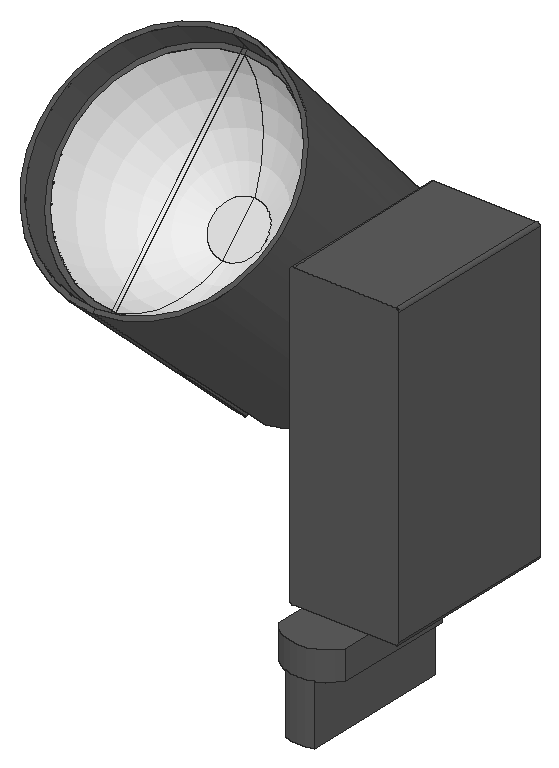
Revit family "0004904 Feilo Sylvania Lighting Fixture START TRACK SPOT L 55W 4K RA90 NB BLACK", category Lighting Fixtures, host Face, Revit 2017 (continued)
Definition of nested family "Start Track Spot Head"
  Types (96, lengths in mm): name | Wattage | built-in parameter 1150134 | Photometric Web File | Model | built-in parameter 1150105 | Lumens | built-in parameter 1150107 | built-in parameter 1150106 | HeadThickness_FEILO | HeadRibOffset_FEILO | HeadRibDepth_FEILO | HeadRibCutWidth_FEILO | HeadRibCutOffset_FEILO | HeadReflectorRadius_FEILO | HeadReflectorOffset_FEILO | HeadLEDRadius_FEILO | HeadHeight_FEILO | HeadDiffusorOffset_FEILO | HeadDiaOut_FEILO | HeadDiaIn_FEILO | HeadAxisFromTop_FEILO | Emit from Circle Diameter | built-in parameter 1150104 | Description | Apparent Load
    0004864 START TRACK SPOT S 24W 3K RA90 WB WHITE | 24 W | (empty or 0) | "0004864.ies" | "START TRACK SPOT S 24W 3K RA90 WB WHITE" | 152.79 (stored number, unit not read) | 1920 lm | 3000 (stored number, unit not read) | 1.5279 (stored number, unit not read) | 1.5 | 4.179 | 55.714 | 7.167 | 50.87 | 50.588 | 55.714 | 9.556 | 117 | 9.435 | 86 | 77.477 | 69.354 | 77.477 | 7.4322 (stored number, unit not read) | "Integrated LED spotlight, Textured White - RAL9016, compact and minimalist design, ideal for retail applications, die-cast aluminium body, passive cooling heatsink. Beam angle: 64°, color temperature: 3000K , total system power: 24W, total fixture output: 1928 lm, LOR: 100%, colour rendering: Ra: 90 typical, LED Chromaticity: 3 step MacAdam ellipse, lifetime: >50000 hours at L70B50, energy class: A++, A+, A, IR/UV free light source without heat radiation, operating voltage: 220-240V / 50-60Hz, drive current: 600mA, electronic driver, non-dimmable, power factor: 0.95, electrical protection: Class II, Global Track 3 Phase adapter suitable for Global trac 3-circuit tracks, ingress protection rating: IP20, suitable for internal environment only, horizontal rotation: 355°, vertical tilt: 90°, dimensions: Ø86x140x200, weight: 0.966kg." | 24 VA
    0004863 START TRACK SPOT S 24W 3K RA90 MB WHITE | 24 W | (empty or 0) | "0004863.ies" | "START TRACK SPOT S 24W 3K RA90 MB WHITE" | 154.7 (stored number, unit not read) | 1944 lm | 3000 (stored number, unit not read) | 1.547 (stored number, unit not read) | 1.5 | 4.179 | 55.714 | 7.167 | 50.87 | 50.588 | 55.714 | 9.556 | 117 | 9.435 | 86 | 77.477 | 69.354 | 77.477 | 7.5251 (stored number, unit not read) | "Integrated LED spotlight, Textured White - RAL9016, compact and minimalist design, ideal for retail applications, die-cast aluminium body, passive cooling heatsink. Beam angle: 36°, color temperature: 3000K , total system power: 24W, total fixture output: 1944 lm, LOR: 100%, colour rendering: Ra: 90 typical, LED Chromaticity: 3 step MacAdam ellipse, lifetime: >50000 hours at L70B50, energy class: A++, A+, A, IR/UV free light source without heat radiation, operating voltage: 220-240V / 50-60Hz, drive current: 600mA, electronic driver, non-dimmable, power factor: 0.95, electrical protection: Class II, Global Track 3 Phase adapter suitable for Global trac 3-circuit tracks, ingress protection rating: IP20, suitable for internal environment only, horizontal rotation: 355°, vertical tilt: 90°, dimensions: Ø86x140x200, weight: 0.966kg." | 24 VA
    0004862 START TRACK SPOT S 24W 3K RA90 NB WHITE | 24 W | (empty or 0) | "0004862.ies" | "START TRACK SPOT S 24W 3K RA90 NB WHITE" | 158.52 (stored number, unit not read) | 1992 lm | 3000 (stored number, unit not read) | 1.5852 (stored number, unit not read) | 1.5 | 4.179 | 55.714 | 7.167 | 50.87 | 50.588 | 55.714 | 9.556 | 117 | 9.435 | 86 | 77.477 | 69.354 | 77.477 | 7.711 (stored number, unit not read) | "Integrated LED spotlight, Textured White - RAL9016, compact and minimalist design, ideal for retail applications, die-cast aluminium body, passive cooling heatsink. Beam angle: 12°, color temperature: 3000K , total system power: 24W, total fixture output: 1987 lm, LOR: 100%, colour rendering: Ra: 90 typical, LED Chromaticity: 3 step MacAdam ellipse, lifetime: >50000 hours at L70B50, energy class: A++, A+, A, IR/UV free light source without heat radiation, operating voltage: 220-240V / 50-60Hz, drive current: 600mA, electronic driver, non-dimmable, power factor: 0.95, electrical protection: Class II, Global Track 3 Phase adapter suitable for Global trac 3-circuit tracks, ingress protection rating: IP20, suitable for internal environment only, horizontal rotation: 355°, vertical tilt: 90°, dimensions: Ø86x140x200, weight: 0.966kg." | 24 VA
    0004861 START TRACK SPOT S 14W 3K RA90 WB WHITE | 14 W | (empty or 0) | "0004861.ies" | "START TRACK SPOT S 14W 3K RA90 WB WHITE" | 100.27 (stored number, unit not read) | 1260 lm | 3000 (stored number, unit not read) | 1.0027 (stored number, unit not read) | 1.5 | 4.179 | 55.714 | 7.167 | 50.87 | 50.588 | 55.714 | 9.556 | 117 | 9.435 | 86 | 77.477 | 69.354 | 77.477 | 8.3613 (stored number, unit not read) | "Integrated LED spotlight, Textured White - RAL9016, compact and minimalist design, ideal for retail applications, die-cast aluminium body, passive cooling heatsink. Beam angle: 64°, color temperature: 3000K , total system power: 14W, total fixture output: 1262 lm, LOR: 100%, colour rendering: Ra: 90 typical, LED Chromaticity: 3 step MacAdam ellipse, lifetime: >50000 hours at L70B50, energy class: A++, A+, A, IR/UV free light source without heat radiation, operating voltage: 220-240V / 50-60Hz, drive current: 350mA, electronic driver, non-dimmable, power factor: 0.92, electrical protection: Class II, Global Track 3 Phase adapter suitable for Global trac 3-circuit tracks, ingress protection rating: IP20, suitable for internal environment only, horizontal rotation: 355°, vertical tilt: 90°, dimensions: Ø86x140x200, weight: 0.940kg." | 14 VA
    0004860 START TRACK SPOT S 14W 3K RA90 MB WHITE | 14 W | (empty or 0) | "0004860.ies" | "START TRACK SPOT S 14W 3K RA90 MB WHITE" | 100.27 (stored number, unit not read) | 1260 lm | 3000 (stored number, unit not read) | 1.0027 (stored number, unit not read) | 1.5 | 4.179 | 55.714 | 7.167 | 50.87 | 50.588 | 55.714 | 9.556 | 117 | 9.435 | 86 | 77.477 | 69.354 | 77.477 | 8.3613 (stored number, unit not read) | "Integrated LED spotlight, Textured White - RAL9016, compact and minimalist design, ideal for retail applications, die-cast aluminium body, passive cooling heatsink. Beam angle: 36°, color temperature: 3000K , total system power: 14W, total fixture output: 1262 lm, LOR: 100%, colour rendering: Ra: 90 typical, LED Chromaticity: 3 step MacAdam ellipse, lifetime: >50000 hours at L70B50, energy class: A++, A+, A, IR/UV free light source without heat radiation, operating voltage: 220-240V / 50-60Hz, drive current: 350mA, electronic driver, non-dimmable, power factor: 0.92, electrical protection: Class II, Global Track 3 Phase adapter suitable for Global trac 3-circuit tracks, ingress protection rating: IP20, suitable for internal environment only, horizontal rotation: 355°, vertical tilt: 90°, dimensions: Ø86x140x200, weight: 0.940kg." | 14 VA
    0004859 START TRACK SPOT S 14W 3K RA90 NB WHITE | 14 W | (empty or 0) | "0004859.ies" | "START TRACK SPOT S 14W 3K RA90 NB WHITE" | 102.5 (stored number, unit not read) | 1288 lm | 3000 (stored number, unit not read) | 1.025 (stored number, unit not read) | 1.5 | 4.179 | 55.714 | 7.167 | 50.87 | 50.588 | 55.714 | 9.556 | 117 | 9.435 | 86 | 77.477 | 69.354 | 77.477 | 8.5471 (stored number, unit not read) | "Integrated LED spotlight, Textured White - RAL9016, compact and minimalist design, ideal for retail applications, die-cast aluminium body, passive cooling heatsink. Beam angle: 12°, color temperature: 3000K , total system power: 14W, total fixture output: 1284 lm, LOR: 100%, colour rendering: Ra: 90 typical, LED Chromaticity: 3 step MacAdam ellipse, lifetime: >50000 hours at L70B50, energy class: A++, A+, A, IR/UV free light source without heat radiation, operating voltage: 220-240V / 50-60Hz, drive current: 350mA, electronic driver, non-dimmable, power factor: 0.92, electrical protection: Class II, Global Track 3 Phase adapter suitable for Global trac 3-circuit tracks, ingress protection rating: IP20, suitable for internal environment only, horizontal rotation: 355°, vertical tilt: 90°, dimensions: Ø86x140x200, weight: 0.940kg." | 14 VA
    0004858 START TRACK SPOT L 55W 4K RA80 WB BLACK | 55 W | 12 | "0004858.ies" | "START TRACK SPOT L 55W 4K RA80 WB BLACK" | 424.55 (stored number, unit not read) | 5335 lm | 4000 (stored number, unit not read) | 4.2455 (stored number, unit not read) | 2 | 4.429 | 59.048 | 9.417 | 53.913 | 66.471 | 59.048 | 12.556 | 124 | 10 | 113 | 101.802 | 73.503 | 101.802 | 9.0116 (stored number, unit not read) | "Integrated LED spotlight, Textured Black - RAL9005, compact and minimalist design, ideal for retail applications, die-cast aluminium body, passive cooling heatsink. Beam angle: 52°, color temperature: 4000K , total system power: 55W, total fixture output: 5320 lm, LOR: 100%, colour rendering: Ra: 80 typical, LED Chromaticity: 3 step MacAdam ellipse, lifetime: >50000 hours at L70B50, energy class: A++, A+, A, IR/UV free light source without heat radiation, operating voltage: 220-240V / 50-60Hz, drive current: 1400mA, electronic driver, non-dimmable, power factor: 0.96, electrical protection: Class II, Global Track 3 Phase adapter suitable for Global trac 3-circuit tracks, ingress protection rating: IP20, suitable for internal environment only, horizontal rotation: 355°, vertical tilt: 90°, dimensions: Ø113x164x240, weight: 1.398kg." | 55 VA
    0004857 START TRACK SPOT L 55W 4K RA80 MB BLACK | 55 W | 12 | "0004857.ies" | "START TRACK SPOT L 55W 4K RA80 MB BLACK" | 428.92 (stored number, unit not read) | 5390 lm | 4000 (stored number, unit not read) | 4.2892 (stored number, unit not read) | 2 | 4.429 | 59.048 | 9.417 | 53.913 | 66.471 | 59.048 | 12.556 | 124 | 10 | 113 | 101.802 | 73.503 | 101.802 | 9.1045 (stored number, unit not read) | "Integrated LED spotlight, Textured Black - RAL9005, compact and minimalist design, ideal for retail applications, die-cast aluminium body, passive cooling heatsink. Beam angle: 38°, color temperature: 4000K , total system power: 55W, total fixture output: 5378 lm, LOR: 100%, colour rendering: Ra: 80 typical, LED Chromaticity: 3 step MacAdam ellipse, lifetime: >50000 hours at L70B50, energy class: A++, A+, A, IR/UV free light source without heat radiation, operating voltage: 220-240V / 50-60Hz, drive current: 1400mA, electronic driver, non-dimmable, power factor: 0.96, electrical protection: Class II, Global Track 3 Phase adapter suitable for Global trac 3-circuit tracks, ingress protection rating: IP20, suitable for internal environment only, horizontal rotation: 355°, vertical tilt: 90°, dimensions: Ø113x164x240, weight: 1.398kg." | 55 VA
    0004856 START TRACK SPOT L 55W 4K RA80 NB BLACK | 55 W | 12 | "0004856.ies" | "START TRACK SPOT L 55W 4K RA80 NB BLACK" | 433.3 (stored number, unit not read) | 5445 lm | 4000 (stored number, unit not read) | 4.333 (stored number, unit not read) | 2 | 4.429 | 59.048 | 9.417 | 53.913 | 66.471 | 59.048 | 12.556 | 124 | 10 | 113 | 101.802 | 73.503 | 101.802 | 9.1974 (stored number, unit not read) | "Integrated LED spotlight, Textured Black - RAL9005, compact and minimalist design, ideal for retail applications, die-cast aluminium body, passive cooling heatsink. Beam angle: 15°, color temperature: 4000K , total system power: 55W, total fixture output: 5426 lm, LOR: 100%, colour rendering: Ra: 80 typical, LED Chromaticity: 3 step MacAdam ellipse, lifetime: >50000 hours at L70B50, energy class: A++, A+, A, IR/UV free light source without heat radiation, operating voltage: 220-240V / 50-60Hz, drive current: 1400mA, electronic driver, non-dimmable, power factor: 0.96, electrical protection: Class II, Global Track 3 Phase adapter suitable for Global trac 3-circuit tracks, ingress protection rating: IP20, suitable for internal environment only, horizontal rotation: 355°, vertical tilt: 90°, dimensions: Ø113x164x240, weight: 1.398kg." | 55 VA
    0004855 START TRACK SPOT L 35W 4K RA80 WB BLACK | 35 W | 12 | "0004855.ies" | "START TRACK SPOT L 35W 4K RA80 WB BLACK" | 320.3 (stored number, unit not read) | 4025 lm | 4000 (stored number, unit not read) | 3.203 (stored number, unit not read) | 2 | 4.429 | 59.048 | 9.417 | 53.913 | 66.471 | 59.048 | 12.556 | 124 | 10 | 113 | 101.802 | 73.503 | 101.802 | 10.684 (stored number, unit not read) | "Integrated LED spotlight, Textured Black - RAL9005, compact and minimalist design, ideal for retail applications, die-cast aluminium body, passive cooling heatsink. Beam angle: 52°, color temperature: 4000K , total system power: 35W, total fixture output: 4010 lm, LOR: 100%, colour rendering: Ra: 80 typical, LED Chromaticity: 3 step MacAdam ellipse, lifetime: >50000 hours at L70B50, energy class: A++, A+, A, IR/UV free light source without heat radiation, operating voltage: 220-240V / 50-60Hz, drive current: 900mA, electronic driver, non-dimmable, power factor: 0.93, electrical protection: Class II, Global Track 3 Phase adapter suitable for Global trac 3-circuit tracks, ingress protection rating: IP20, suitable for internal environment only, horizontal rotation: 355°, vertical tilt: 90°, dimensions: Ø113x164x240, weight: 1.368kg." | 35 VA
    0004854 START TRACK SPOT L 35W 4K RA80 MB BLACK | 35 W | 12 | "0004854.ies" | "START TRACK SPOT L 35W 4K RA80 MB BLACK" | 320.3 (stored number, unit not read) | 4025 lm | 4000 (stored number, unit not read) | 3.203 (stored number, unit not read) | 2 | 4.429 | 59.048 | 9.417 | 53.913 | 66.471 | 59.048 | 12.556 | 124 | 10 | 113 | 101.802 | 73.503 | 101.802 | 10.684 (stored number, unit not read) | "Integrated LED spotlight, Textured Black - RAL9005, compact and minimalist design, ideal for retail applications, die-cast aluminium body, passive cooling heatsink. Beam angle: 38°, color temperature: 4000K , total system power: 35W, total fixture output: 4017 lm, LOR: 100%, colour rendering: Ra: 80 typical, LED Chromaticity: 3 step MacAdam ellipse, lifetime: >50000 hours at L70B50, energy class: A++, A+, A, IR/UV free light source without heat radiation, operating voltage: 220-240V / 50-60Hz, drive current: 900mA, electronic driver, non-dimmable, power factor: 0.93, electrical protection: Class II, Global Track 3 Phase adapter suitable for Global trac 3-circuit tracks, ingress protection rating: IP20, suitable for internal environment only, horizontal rotation: 355°, vertical tilt: 90°, dimensions: Ø113x164x240, weight: 1.368kg." | 35 VA
    0004853 START TRACK SPOT L 35W 4K RA80 NB BLACK | 35 W | 12 | "0004853.ies" | "START TRACK SPOT L 35W 4K RA80 NB BLACK" | 331.44 (stored number, unit not read) | 4165 lm | 4000 (stored number, unit not read) | 3.3144 (stored number, unit not read) | 2 | 4.429 | 59.048 | 9.417 | 53.913 | 66.471 | 59.048 | 12.556 | 124 | 10 | 113 | 101.802 | 73.503 | 101.802 | 11.055 (stored number, unit not read) | "Integrated LED spotlight, Textured Black - RAL9005, compact and minimalist design, ideal for retail applications, die-cast aluminium body, passive cooling heatsink. Beam angle: 15°, color temperature: 4000K , total system power: 35W, total fixture output: 4174 lm, LOR: 100%, colour rendering: Ra: 80 typical, LED Chromaticity: 3 step MacAdam ellipse, lifetime: >50000 hours at L70B50, energy class: A++, A+, A, IR/UV free light source without heat radiation, operating voltage: 220-240V / 50-60Hz, drive current: 900mA, electronic driver, non-dimmable, power factor: 0.93, electrical protection: Class II, Global Track 3 Phase adapter suitable for Global trac 3-circuit tracks, ingress protection rating: IP20, suitable for internal environment only, horizontal rotation: 355°, vertical tilt: 90°, dimensions: Ø113x164x240, weight: 1.368kg." | 35 VA
    0004852 START TRACK SPOT S 24W 4K RA80 WB BLACK | 24 W | 12 | "0004852.ies" | "START TRACK SPOT S 24W 4K RA80 WB BLACK" | 196.72 (stored number, unit not read) | 2472 lm | 4000 (stored number, unit not read) | 1.9672 (stored number, unit not read) | 1.5 | 4.179 | 55.714 | 7.167 | 50.87 | 50.588 | 55.714 | 9.556 | 117 | 9.435 | 86 | 77.477 | 69.354 | 77.477 | 9.569 (stored number, unit not read) | "Integrated LED spotlight, Textured Black - RAL9005, compact and minimalist design, ideal for retail applications, die-cast aluminium body, passive cooling heatsink. Beam angle: 64°, color temperature: 4000K , total system power: 24W, total fixture output: 2476 lm, LOR: 100%, colour rendering: Ra: 80 typical, LED Chromaticity: 3 step MacAdam ellipse, lifetime: >50000 hours at L70B50, energy class: A++, A+, A, IR/UV free light source without heat radiation, operating voltage: 220-240V / 50-60Hz, drive current: 600mA, electronic driver, non-dimmable, power factor: 0.95, electrical protection: Class II, Global Track 3 Phase adapter suitable for Global trac 3-circuit tracks, ingress protection rating: IP20, suitable for internal environment only, horizontal rotation: 355°, vertical tilt: 90°, dimensions: Ø86x140x200, weight: 0.966kg." | 24 VA
    0004851 START TRACK SPOT S 24W 4K RA80 MB BLACK | 24 W | 12 | "0004851.ies" | "START TRACK SPOT S 24W 4K RA80 MB BLACK" | 198.63 (stored number, unit not read) | 2496 lm | 4000 (stored number, unit not read) | 1.9863 (stored number, unit not read) | 1.5 | 4.179 | 55.714 | 7.167 | 50.87 | 50.588 | 55.714 | 9.556 | 117 | 9.435 | 86 | 77.477 | 69.354 | 77.477 | 9.6619 (stored number, unit not read) | "Integrated LED spotlight, Textured Black - RAL9005, compact and minimalist design, ideal for retail applications, die-cast aluminium body, passive cooling heatsink. Beam angle: 36°, color temperature: 4000K , total system power: 24W, total fixture output: 2487 lm, LOR: 100%, colour rendering: Ra: 80 typical, LED Chromaticity: 3 step MacAdam ellipse, lifetime: >50000 hours at L70B50, energy class: A++, A+, A, IR/UV free light source without heat radiation, operating voltage: 220-240V / 50-60Hz, drive current: 600mA, electronic driver, non-dimmable, power factor: 0.95, electrical protection: Class II, Global Track 3 Phase adapter suitable for Global trac 3-circuit tracks, ingress protection rating: IP20, suitable for internal environment only, horizontal rotation: 355°, vertical tilt: 90°, dimensions: Ø86x140x200, weight: 0.966kg." | 24 VA
    0004850 START TRACK SPOT S 24W 4K RA80 NB BLACK | 24 W | 12 | "0004850.ies" | "START TRACK SPOT S 24W 4K RA80 NB BLACK" | 200.54 (stored number, unit not read) | 2520 lm | 4000 (stored number, unit not read) | 2.0054 (stored number, unit not read) | 1.5 | 4.179 | 55.714 | 7.167 | 50.87 | 50.588 | 55.714 | 9.556 | 117 | 9.435 | 86 | 77.477 | 69.354 | 77.477 | 9.7548 (stored number, unit not read) | "Integrated LED spotlight, Textured Black - RAL9005, compact and minimalist design, ideal for retail applications, die-cast aluminium body, passive cooling heatsink. Beam angle: 12°, color temperature: 4000K , total system power: 24W, total fixture output: 2529 lm, LOR: 100%, colour rendering: Ra: 80 typical, LED Chromaticity: 3 step MacAdam ellipse, lifetime: >50000 hours at L70B50, energy class: A++, A+, A, IR/UV free light source without heat radiation, operating voltage: 220-240V / 50-60Hz, drive current: 600mA, electronic driver, non-dimmable, power factor: 0.95, electrical protection: Class II, Global Track 3 Phase adapter suitable for Global trac 3-circuit tracks, ingress protection rating: IP20, suitable for internal environment only, horizontal rotation: 355°, vertical tilt: 90°, dimensions: Ø86x140x200, weight: 0.966kg." | 24 VA
    0004849 START TRACK SPOT S 14W 4K RA80 WB BLACK | 14 W | 12 | "0004849.ies" | "START TRACK SPOT S 14W 4K RA80 WB BLACK" | 123.66 (stored number, unit not read) | 1554 lm | 4000 (stored number, unit not read) | 1.2366 (stored number, unit not read) | 1.5 | 4.179 | 55.714 | 7.167 | 50.87 | 50.588 | 55.714 | 9.556 | 117 | 9.435 | 86 | 77.477 | 69.354 | 77.477 | 10.312 (stored number, unit not read) | "Integrated LED spotlight, Textured Black - RAL9005, compact and minimalist design, ideal for retail applications, die-cast aluminium body, passive cooling heatsink. Beam angle: 64°, color temperature: 4000K , total system power: 14W, total fixture output: 1558 lm, LOR: 100%, colour rendering: Ra: 80 typical, LED Chromaticity: 3 step MacAdam ellipse, lifetime: >50000 hours at L70B50, energy class: A++, A+, A, IR/UV free light source without heat radiation, operating voltage: 220-240V / 50-60Hz, drive current: 350mA, electronic driver, non-dimmable, power factor: 0.92, electrical protection: Class II, Global Track 3 Phase adapter suitable for Global trac 3-circuit tracks, ingress protection rating: IP20, suitable for internal environment only, horizontal rotation: 355°, vertical tilt: 90°, dimensions: Ø86x140x200, weight: 0.940kg." | 14 VA
    0004848 START TRACK SPOT S 14W 4K RA80 MB BLACK | 14 W | 12 | "0004848.ies" | "START TRACK SPOT S 14W 4K RA80 MB BLACK" | 127.01 (stored number, unit not read) | 1596 lm | 4000 (stored number, unit not read) | 1.2701 (stored number, unit not read) | 1.5 | 4.179 | 55.714 | 7.167 | 50.87 | 50.588 | 55.714 | 9.556 | 117 | 9.435 | 86 | 77.477 | 69.354 | 77.477 | 10.591 (stored number, unit not read) | "Integrated LED spotlight, Textured Black - RAL9005, compact and minimalist design, ideal for retail applications, die-cast aluminium body, passive cooling heatsink. Beam angle: 36°, color temperature: 4000K , total system power: 14W, total fixture output: 1598 lm, LOR: 100%, colour rendering: Ra: 80 typical, LED Chromaticity: 3 step MacAdam ellipse, lifetime: >50000 hours at L70B50, energy class: A++, A+, A, IR/UV free light source without heat radiation, operating voltage: 220-240V / 50-60Hz, drive current: 350mA, electronic driver, non-dimmable, power factor: 0.92, electrical protection: Class II, Global Track 3 Phase adapter suitable for Global trac 3-circuit tracks, ingress protection rating: IP20, suitable for internal environment only, horizontal rotation: 355°, vertical tilt: 90°, dimensions: Ø86x140x200, weight: 0.940kg." | 14 VA
    0004847 START TRACK SPOT S 14W 4K RA80 NB BLACK | 14 W | 12 | "0004847.ies" | "START TRACK SPOT S 14W 4K RA80 NB BLACK" | 128.12 (stored number, unit not read) | 1610 lm | 4000 (stored number, unit not read) | 1.2812 (stored number, unit not read) | 1.5 | 4.179 | 55.714 | 7.167 | 50.87 | 50.588 | 55.714 | 9.556 | 117 | 9.435 | 86 | 77.477 | 69.354 | 77.477 | 10.684 (stored number, unit not read) | "Integrated LED spotlight, Textured Black - RAL9005, compact and minimalist design, ideal for retail applications, die-cast aluminium body, passive cooling heatsink. Beam angle: 12°, color temperature: 4000K , total system power: 14W, total fixture output: 1608 lm, LOR: 100%, colour rendering: Ra: 80 typical, LED Chromaticity: 3 step MacAdam ellipse, lifetime: >50000 hours at L70B50, energy class: A++, A+, A, IR/UV free light source without heat radiation, operating voltage: 220-240V / 50-60Hz, drive current: 350mA, electronic driver, non-dimmable, power factor: 0.92, electrical protection: Class II, Global Track 3 Phase adapter suitable for Global trac 3-circuit tracks, ingress protection rating: IP20, suitable for internal environment only, horizontal rotation: 355°, vertical tilt: 90°, dimensions: Ø86x140x200, weight: 0.940kg." | 14 VA
    0004846 START TRACK SPOT L 55W 3K RA80 WB BLACK | 55 W | (empty or 0) | "0004846.ies" | "START TRACK SPOT L 55W 3K RA80 WB BLACK" | 420.17 (stored number, unit not read) | 5280 lm | 3000 (stored number, unit not read) | 4.2017 (stored number, unit not read) | 2 | 4.429 | 59.048 | 9.417 | 53.913 | 66.471 | 59.048 | 12.556 | 124 | 10 | 113 | 101.802 | 73.503 | 101.802 | 8.9187 (stored number, unit not read) | "Integrated LED spotlight, Textured Black - RAL9005, compact and minimalist design, ideal for retail applications, die-cast aluminium body, passive cooling heatsink. Beam angle: 52°, color temperature: 3000K , total system power: 55W, total fixture output: 5298 lm, LOR: 100%, colour rendering: Ra: 80 typical, LED Chromaticity: 3 step MacAdam ellipse, lifetime: >50000 hours at L70B50, energy class: A++, A+, A, IR/UV free light source without heat radiation, operating voltage: 220-240V / 50-60Hz, drive current: 1400mA, electronic driver, non-dimmable, power factor: 0.96, electrical protection: Class II, Global Track 3 Phase adapter suitable for Global trac 3-circuit tracks, ingress protection rating: IP20, suitable for internal environment only, horizontal rotation: 355°, vertical tilt: 90°, dimensions: Ø113x164x240, weight: 1.398kg." | 55 VA
    0004845 START TRACK SPOT L 55W 3K RA80 MB BLACK | 55 W | (empty or 0) | "0004845.ies" | "START TRACK SPOT L 55W 3K RA80 MB BLACK" | 428.92 (stored number, unit not read) | 5390 lm | 3000 (stored number, unit not read) | 4.2892 (stored number, unit not read) | 2 | 4.429 | 59.048 | 9.417 | 53.913 | 66.471 | 59.048 | 12.556 | 124 | 10 | 113 | 101.802 | 73.503 | 101.802 | 9.1045 (stored number, unit not read) | "Integrated LED spotlight, Textured Black - RAL9005, compact and minimalist design, ideal for retail applications, die-cast aluminium body, passive cooling heatsink. Beam angle: 38°, color temperature: 3000K , total system power: 55W, total fixture output: 5381 lm, LOR: 100%, colour rendering: Ra: 80 typical, LED Chromaticity: 3 step MacAdam ellipse, lifetime: >50000 hours at L70B50, energy class: A++, A+, A, IR/UV free light source without heat radiation, operating voltage: 220-240V / 50-60Hz, drive current: 1400mA, electronic driver, non-dimmable, power factor: 0.96, electrical protection: Class II, Global Track 3 Phase adapter suitable for Global trac 3-circuit tracks, ingress protection rating: IP20, suitable for internal environment only, horizontal rotation: 355°, vertical tilt: 90°, dimensions: Ø113x164x240, weight: 1.398kg." | 55 VA
    0004844 START TRACK SPOT L 55W 3K RA80 NB BLACK | 55 W | (empty or 0) | "0004844.ies" | "START TRACK SPOT L 55W 3K RA80 NB BLACK" | 433.3 (stored number, unit not read) | 5445 lm | 3000 (stored number, unit not read) | 4.333 (stored number, unit not read) | 2 | 4.429 | 59.048 | 9.417 | 53.913 | 66.471 | 59.048 | 12.556 | 124 | 10 | 113 | 101.802 | 73.503 | 101.802 | 9.1974 (stored number, unit not read) | "Integrated LED spotlight, Textured Black - RAL9005, compact and minimalist design, ideal for retail applications, die-cast aluminium body, passive cooling heatsink. Beam angle: 15°, color temperature: 3000K , total system power: 55W, total fixture output: 5449 lm, LOR: 100%, colour rendering: Ra: 80 typical, LED Chromaticity: 3 step MacAdam ellipse, lifetime: >50000 hours at L70B50, energy class: A++, A+, A, IR/UV free light source without heat radiation, operating voltage: 220-240V / 50-60Hz, drive current: 1400mA, electronic driver, non-dimmable, power factor: 0.96, electrical protection: Class II, Global Track 3 Phase adapter suitable for Global trac 3-circuit tracks, ingress protection rating: IP20, suitable for internal environment only, horizontal rotation: 355°, vertical tilt: 90°, dimensions: Ø113x164x240, weight: 1.398kg." | 55 VA
    0004843 START TRACK SPOT L 35W 3K RA80 WB BLACK | 35 W | (empty or 0) | "0004843.ies" | "START TRACK SPOT L 35W 3K RA80 WB BLACK" | 314.73 (stored number, unit not read) | 3955 lm | 3000 (stored number, unit not read) | 3.1473 (stored number, unit not read) | 2 | 4.429 | 59.048 | 9.417 | 53.913 | 66.471 | 59.048 | 12.556 | 124 | 10 | 113 | 101.802 | 73.503 | 101.802 | 10.498 (stored number, unit not read) | "Integrated LED spotlight, Textured Black - RAL9005, compact and minimalist design, ideal for retail applications, die-cast aluminium body, passive cooling heatsink. Beam angle: 52°, color temperature: 3000K , total system power: 35W, total fixture output: 3943 lm, LOR: 100%, colour rendering: Ra: 80 typical, LED Chromaticity: 3 step MacAdam ellipse, lifetime: >50000 hours at L70B50, energy class: A++, A+, A, IR/UV free light source without heat radiation, operating voltage: 220-240V / 50-60Hz, drive current: 900mA, electronic driver, non-dimmable, power factor: 0.93, electrical protection: Class II, Global Track 3 Phase adapter suitable for Global trac 3-circuit tracks, ingress protection rating: IP20, suitable for internal environment only, horizontal rotation: 355°, vertical tilt: 90°, dimensions: Ø113x164x240, weight: 1.368kg." | 35 VA
    0004842 START TRACK SPOT L 35W 3K RA80 MB BLACK | 35 W | (empty or 0) | "0004842.ies" | "START TRACK SPOT L 35W 3K RA80 MB BLACK" | 320.3 (stored number, unit not read) | 4025 lm | 3000 (stored number, unit not read) | 3.203 (stored number, unit not read) | 2 | 4.429 | 59.048 | 9.417 | 53.913 | 66.471 | 59.048 | 12.556 | 124 | 10 | 113 | 101.802 | 73.503 | 101.802 | 10.684 (stored number, unit not read) | "Integrated LED spotlight, Textured Black - RAL9005, compact and minimalist design, ideal for retail applications, die-cast aluminium body, passive cooling heatsink. Beam angle: 38°, color temperature: 3000K , total system power: 35W, total fixture output: 4008 lm, LOR: 100%, colour rendering: Ra: 80 typical, LED Chromaticity: 3 step MacAdam ellipse, lifetime: >50000 hours at L70B50, energy class: A++, A+, A, IR/UV free light source without heat radiation, operating voltage: 220-240V / 50-60Hz, drive current: 900mA, electronic driver, non-dimmable, power factor: 0.93, electrical protection: Class II, Global Track 3 Phase adapter suitable for Global trac 3-circuit tracks, ingress protection rating: IP20, suitable for internal environment only, horizontal rotation: 355°, vertical tilt: 90°, dimensions: Ø113x164x240, weight: 1.368kg." | 35 VA
    0004841 START TRACK SPOT L 35W 3K RA80 NB BLACK | 35 W | (empty or 0) | "0004841.ies" | "START TRACK SPOT L 35W 3K RA80 NB BLACK" | 317.51 (stored number, unit not read) | 3990 lm | 3000 (stored number, unit not read) | 3.1751 (stored number, unit not read) | 2 | 4.429 | 59.048 | 9.417 | 53.913 | 66.471 | 59.048 | 12.556 | 124 | 10 | 113 | 101.802 | 73.503 | 101.802 | 10.591 (stored number, unit not read) | "Integrated LED spotlight, Textured Black - RAL9005, compact and minimalist design, ideal for retail applications, die-cast aluminium body, passive cooling heatsink. Beam angle: 15°, color temperature: 3000K , total system power: 35W, total fixture output: 4005 lm, LOR: 100%, colour rendering: Ra: 80 typical, LED Chromaticity: 3 step MacAdam ellipse, lifetime: >50000 hours at L70B50, energy class: A++, A+, A, IR/UV free light source without heat radiation, operating voltage: 220-240V / 50-60Hz, drive current: 900mA, electronic driver, non-dimmable, power factor: 0.93, electrical protection: Class II, Global Track 3 Phase adapter suitable for Global trac 3-circuit tracks, ingress protection rating: IP20, suitable for internal environment only, horizontal rotation: 355°, vertical tilt: 90°, dimensions: Ø113x164x240, weight: 1.368kg." | 35 VA
    0004840 START TRACK SPOT S 24W 3K RA80 WB BLACK | 24 W | (empty or 0) | "0004840.ies" | "START TRACK SPOT S 24W 3K RA80 WB BLACK" | 185.26 (stored number, unit not read) | 2328 lm | 3000 (stored number, unit not read) | 1.8526 (stored number, unit not read) | 1.5 | 4.179 | 55.714 | 7.167 | 50.87 | 50.588 | 55.714 | 9.556 | 117 | 9.435 | 86 | 77.477 | 69.354 | 77.477 | 9.0116 (stored number, unit not read) | "Integrated LED spotlight, Textured Black - RAL9005, compact and minimalist design, ideal for retail applications, die-cast aluminium body, passive cooling heatsink. Beam angle: 64°, color temperature: 3000K , total system power: 24W, total fixture output: 2318 lm, LOR: 100%, colour rendering: Ra: 80 typical, LED Chromaticity: 3 step MacAdam ellipse, lifetime: >50000 hours at L70B50, energy class: A++, A+, A, IR/UV free light source without heat radiation, operating voltage: 220-240V / 50-60Hz, drive current: 600mA, electronic driver, non-dimmable, power factor: 0.95, electrical protection: Class II, Global Track 3 Phase adapter suitable for Global trac 3-circuit tracks, ingress protection rating: IP20, suitable for internal environment only, horizontal rotation: 355°, vertical tilt: 90°, dimensions: Ø86x140x200, weight: 0.966kg." | 24 VA
    0004839 START TRACK SPOT S 24W 3K RA80 MB BLACK | 24 W | (empty or 0) | "0004839.ies" | "START TRACK SPOT S 24W 3K RA80 MB BLACK" | 183.35 (stored number, unit not read) | 2304 lm | 3000 (stored number, unit not read) | 1.8335 (stored number, unit not read) | 1.5 | 4.179 | 55.714 | 7.167 | 50.87 | 50.588 | 55.714 | 9.556 | 117 | 9.435 | 86 | 77.477 | 69.354 | 77.477 | 8.9187 (stored number, unit not read) | "Integrated LED spotlight, Textured Black - RAL9005, compact and minimalist design, ideal for retail applications, die-cast aluminium body, passive cooling heatsink. Beam angle: 36°, color temperature: 3000K , total system power: 24W, total fixture output: 2314 lm, LOR: 100%, colour rendering: Ra: 80 typical, LED Chromaticity: 3 step MacAdam ellipse, lifetime: >50000 hours at L70B50, energy class: A++, A+, A, IR/UV free light source without heat radiation, operating voltage: 220-240V / 50-60Hz, drive current: 600mA, electronic driver, non-dimmable, power factor: 0.95, electrical protection: Class II, Global Track 3 Phase adapter suitable for Global trac 3-circuit tracks, ingress protection rating: IP20, suitable for internal environment only, horizontal rotation: 355°, vertical tilt: 90°, dimensions: Ø86x140x200, weight: 0.966kg." | 24 VA
    0004838 START TRACK SPOT S 24W 3K RA80 NB BLACK | 24 W | (empty or 0) | "0004838.ies" | "START TRACK SPOT S 24W 3K RA80 NB BLACK" | 185.26 (stored number, unit not read) | 2328 lm | 3000 (stored number, unit not read) | 1.8526 (stored number, unit not read) | 1.5 | 4.179 | 55.714 | 7.167 | 50.87 | 50.588 | 55.714 | 9.556 | 117 | 9.435 | 86 | 77.477 | 69.354 | 77.477 | 9.0116 (stored number, unit not read) | "Integrated LED spotlight, Textured Black - RAL9005, compact and minimalist design, ideal for retail applications, die-cast aluminium body, passive cooling heatsink. Beam angle: 12°, color temperature: 3000K , total system power: 24W, total fixture output: 2334 lm, LOR: 100%, colour rendering: Ra: 80 typical, LED Chromaticity: 3 step MacAdam ellipse, lifetime: >50000 hours at L70B50, energy class: A++, A+, A, IR/UV free light source without heat radiation, operating voltage: 220-240V / 50-60Hz, drive current: 600mA, electronic driver, non-dimmable, power factor: 0.95, electrical protection: Class II, Global Track 3 Phase adapter suitable for Global trac 3-circuit tracks, ingress protection rating: IP20, suitable for internal environment only, horizontal rotation: 355°, vertical tilt: 90°, dimensions: Ø86x140x200, weight: 0.966kg." | 24 VA
    0004837 START TRACK SPOT S 14W 3K RA80 WB BLACK | 14 W | (empty or 0) | "0004837.ies" | "START TRACK SPOT S 14W 3K RA80 WB BLACK" | 119.21 (stored number, unit not read) | 1498 lm | 3000 (stored number, unit not read) | 1.1921 (stored number, unit not read) | 1.5 | 4.179 | 55.714 | 7.167 | 50.87 | 50.588 | 55.714 | 9.556 | 117 | 9.435 | 86 | 77.477 | 69.354 | 77.477 | 9.9406 (stored number, unit not read) | "Integrated LED spotlight, Textured Black - RAL9005, compact and minimalist design, ideal for retail applications, die-cast aluminium body, passive cooling heatsink. Beam angle: 64°, color temperature: 3000K , total system power: 14W, total fixture output: 1498 lm, LOR: 100%, colour rendering: Ra: 80 typical, LED Chromaticity: 3 step MacAdam ellipse, lifetime: >50000 hours at L70B50, energy class: A++, A+, A, IR/UV free light source without heat radiation, operating voltage: 220-240V / 50-60Hz, drive current: 350mA, electronic driver, non-dimmable, power factor: 0.92, electrical protection: Class II, Global Track 3 Phase adapter suitable for Global trac 3-circuit tracks, ingress protection rating: IP20, suitable for internal environment only, horizontal rotation: 355°, vertical tilt: 90°, dimensions: Ø86x140x200, weight: 0.940kg." | 14 VA
    0004836 START TRACK SPOT S 14W 3K RA80 MB BLACK | 14 W | (empty or 0) | "0004836.ies" | "START TRACK SPOT S 14W 3K RA80 MB BLACK" | 120.32 (stored number, unit not read) | 1512 lm | 3000 (stored number, unit not read) | 1.2032 (stored number, unit not read) | 1.5 | 4.179 | 55.714 | 7.167 | 50.87 | 50.588 | 55.714 | 9.556 | 117 | 9.435 | 86 | 77.477 | 69.354 | 77.477 | 10.034 (stored number, unit not read) | "Integrated LED spotlight, Textured Black - RAL9005, compact and minimalist design, ideal for retail applications, die-cast aluminium body, passive cooling heatsink. Beam angle: 36°, color temperature: 3000K , total system power: 14W, total fixture output: 1508 lm, LOR: 100%, colour rendering: Ra: 80 typical, LED Chromaticity: 3 step MacAdam ellipse, lifetime: >50000 hours at L70B50, energy class: A++, A+, A, IR/UV free light source without heat radiation, operating voltage: 220-240V / 50-60Hz, drive current: 350mA, electronic driver, non-dimmable, power factor: 0.92, electrical protection: Class II, Global Track 3 Phase adapter suitable for Global trac 3-circuit tracks, ingress protection rating: IP20, suitable for internal environment only, horizontal rotation: 355°, vertical tilt: 90°, dimensions: Ø86x140x200, weight: 0.940kg." | 14 VA
    0004835 START TRACK SPOT S 14W 3K RA80 NB BLACK | 14 W | (empty or 0) | "0004835.ies" | "START TRACK SPOT S 14W 3K RA80 NB BLACK" | 123.66 (stored number, unit not read) | 1554 lm | 3000 (stored number, unit not read) | 1.2366 (stored number, unit not read) | 1.5 | 4.179 | 55.714 | 7.167 | 50.87 | 50.588 | 55.714 | 9.556 | 117 | 9.435 | 86 | 77.477 | 69.354 | 77.477 | 10.312 (stored number, unit not read) | "Integrated LED spotlight, Textured Black - RAL9005, compact and minimalist design, ideal for retail applications, die-cast aluminium body, passive cooling heatsink. Beam angle: 12°, color temperature: 3000K , total system power: 14W, total fixture output: 1551 lm, LOR: 100%, colour rendering: Ra: 80 typical, LED Chromaticity: 3 step MacAdam ellipse, lifetime: >50000 hours at L70B50, energy class: A++, A+, A, IR/UV free light source without heat radiation, operating voltage: 220-240V / 50-60Hz, drive current: 350mA, electronic driver, non-dimmable, power factor: 0.92, electrical protection: Class II, Global Track 3 Phase adapter suitable for Global trac 3-circuit tracks, ingress protection rating: IP20, suitable for internal environment only, horizontal rotation: 355°, vertical tilt: 90°, dimensions: Ø86x140x200, weight: 0.940kg." | 14 VA
    0004834 START TRACK SPOT L 55W 4K RA80 WB WHITE | 55 W | 12 | "0004834.ies" | "START TRACK SPOT L 55W 4K RA80 WB WHITE" | 424.55 (stored number, unit not read) | 5335 lm | 4000 (stored number, unit not read) | 4.2455 (stored number, unit not read) | 2 | 4.429 | 59.048 | 9.417 | 53.913 | 66.471 | 59.048 | 12.556 | 124 | 10 | 113 | 101.802 | 73.503 | 101.802 | 9.0116 (stored number, unit not read) | "Integrated LED spotlight, Textured White - RAL9016, compact and minimalist design, ideal for retail applications, die-cast aluminium body, passive cooling heatsink. Beam angle: 52°, color temperature: 4000K , total system power: 55W, total fixture output: 5320 lm, LOR: 100%, colour rendering: Ra: 80 typical, LED Chromaticity: 3 step MacAdam ellipse, lifetime: >50000 hours at L70B50, energy class: A++, A+, A, IR/UV free light source without heat radiation, operating voltage: 220-240V / 50-60Hz, drive current: 1400mA, electronic driver, non-dimmable, power factor: 0.96, electrical protection: Class II, Global Track 3 Phase adapter suitable for Global trac 3-circuit tracks, ingress protection rating: IP20, suitable for internal environment only, horizontal rotation: 355°, vertical tilt: 90°, dimensions: Ø113x164x240, weight: 1.398kg." | 55 VA
    0004833 START TRACK SPOT L 55W 4K RA80 MB WHITE | 55 W | 12 | "0004833.ies" | "START TRACK SPOT L 55W 4K RA80 MB WHITE" | 428.92 (stored number, unit not read) | 5390 lm | 4000 (stored number, unit not read) | 4.2892 (stored number, unit not read) | 2 | 4.429 | 59.048 | 9.417 | 53.913 | 66.471 | 59.048 | 12.556 | 124 | 10 | 113 | 101.802 | 73.503 | 101.802 | 9.1045 (stored number, unit not read) | "Integrated LED spotlight, Textured White - RAL9016, compact and minimalist design, ideal for retail applications, die-cast aluminium body, passive cooling heatsink. Beam angle: 38°, color temperature: 4000K , total system power: 55W, total fixture output: 5378 lm, LOR: 100%, colour rendering: Ra: 80 typical, LED Chromaticity: 3 step MacAdam ellipse, lifetime: >50000 hours at L70B50, energy class: A++, A+, A, IR/UV free light source without heat radiation, operating voltage: 220-240V / 50-60Hz, drive current: 1400mA, electronic driver, non-dimmable, power factor: 0.96, electrical protection: Class II, Global Track 3 Phase adapter suitable for Global trac 3-circuit tracks, ingress protection rating: IP20, suitable for internal environment only, horizontal rotation: 355°, vertical tilt: 90°, dimensions: Ø113x164x240, weight: 1.398kg." | 55 VA
    0004832 START TRACK SPOT L 55W 4K RA80 NB WHITE | 55 W | 12 | "0004832.ies" | "START TRACK SPOT L 55W 4K RA80 NB WHITE" | 433.3 (stored number, unit not read) | 5445 lm | 4000 (stored number, unit not read) | 4.333 (stored number, unit not read) | 2 | 4.429 | 59.048 | 9.417 | 53.913 | 66.471 | 59.048 | 12.556 | 124 | 10 | 113 | 101.802 | 73.503 | 101.802 | 9.1974 (stored number, unit not read) | "Integrated LED spotlight, Textured White - RAL9016, compact and minimalist design, ideal for retail applications, die-cast aluminium body, passive cooling heatsink. Beam angle: 15°, color temperature: 4000K , total system power: 55W, total fixture output: 5426 lm, LOR: 100%, colour rendering: Ra: 80 typical, LED Chromaticity: 3 step MacAdam ellipse, lifetime: >50000 hours at L70B50, energy class: A++, A+, A, IR/UV free light source without heat radiation, operating voltage: 220-240V / 50-60Hz, drive current: 1400mA, electronic driver, non-dimmable, power factor: 0.96, electrical protection: Class II, Global Track 3 Phase adapter suitable for Global trac 3-circuit tracks, ingress protection rating: IP20, suitable for internal environment only, horizontal rotation: 355°, vertical tilt: 90°, dimensions: Ø113x164x240, weight: 1.398kg." | 55 VA
    0004831 START TRACK SPOT L 35W 4K RA80 WB WHITE | 35 W | 12 | "0004831.ies" | "START TRACK SPOT L 35W 4K RA80 WB WHITE" | 320.3 (stored number, unit not read) | 4025 lm | 4000 (stored number, unit not read) | 3.203 (stored number, unit not read) | 2 | 4.429 | 59.048 | 9.417 | 53.913 | 66.471 | 59.048 | 12.556 | 124 | 10 | 113 | 101.802 | 73.503 | 101.802 | 10.684 (stored number, unit not read) | "Integrated LED spotlight, Textured White - RAL9016, compact and minimalist design, ideal for retail applications, die-cast aluminium body, passive cooling heatsink. Beam angle: 52°, color temperature: 4000K , total system power: 35W, total fixture output: 4010 lm, LOR: 100%, colour rendering: Ra: 80 typical, LED Chromaticity: 3 step MacAdam ellipse, lifetime: >50000 hours at L70B50, energy class: A++, A+, A, IR/UV free light source without heat radiation, operating voltage: 220-240V / 50-60Hz, drive current: 900mA, electronic driver, non-dimmable, power factor: 0.93, electrical protection: Class II, Global Track 3 Phase adapter suitable for Global trac 3-circuit tracks, ingress protection rating: IP20, suitable for internal environment only, horizontal rotation: 355°, vertical tilt: 90°, dimensions: Ø113x164x240, weight: 1.368kg." | 35 VA
    0004830 START TRACK SPOT L 35W 4K RA80 MB WHITE | 35 W | 12 | "0004830.ies" | "START TRACK SPOT L 35W 4K RA80 MB WHITE" | 320.3 (stored number, unit not read) | 4025 lm | 4000 (stored number, unit not read) | 3.203 (stored number, unit not read) | 2 | 4.429 | 59.048 | 9.417 | 53.913 | 66.471 | 59.048 | 12.556 | 124 | 10 | 113 | 101.802 | 73.503 | 101.802 | 10.684 (stored number, unit not read) | "Integrated LED spotlight, Textured White - RAL9016, compact and minimalist design, ideal for retail applications, die-cast aluminium body, passive cooling heatsink. Beam angle: 38°, color temperature: 4000K , total system power: 35W, total fixture output: 4017 lm, LOR: 100%, colour rendering: Ra: 80 typical, LED Chromaticity: 3 step MacAdam ellipse, lifetime: >50000 hours at L70B50, energy class: A++, A+, A, IR/UV free light source without heat radiation, operating voltage: 220-240V / 50-60Hz, drive current: 900mA, electronic driver, non-dimmable, power factor: 0.93, electrical protection: Class II, Global Track 3 Phase adapter suitable for Global trac 3-circuit tracks, ingress protection rating: IP20, suitable for internal environment only, horizontal rotation: 355°, vertical tilt: 90°, dimensions: Ø113x164x240, weight: 1.368kg." | 35 VA
    0004829 START TRACK SPOT L 35W 4K RA80 NB WHITE | 35 W | 12 | "0004829.ies" | "START TRACK SPOT L 35W 4K RA80 NB WHITE" | 331.44 (stored number, unit not read) | 4165 lm | 4000 (stored number, unit not read) | 3.3144 (stored number, unit not read) | 2 | 4.429 | 59.048 | 9.417 | 53.913 | 66.471 | 59.048 | 12.556 | 124 | 10 | 113 | 101.802 | 73.503 | 101.802 | 11.055 (stored number, unit not read) | "Integrated LED spotlight, Textured White - RAL9016, compact and minimalist design, ideal for retail applications, die-cast aluminium body, passive cooling heatsink. Beam angle: 15°, color temperature: 4000K , total system power: 35W, total fixture output: 4174 lm, LOR: 100%, colour rendering: Ra: 80 typical, LED Chromaticity: 3 step MacAdam ellipse, lifetime: >50000 hours at L70B50, energy class: A++, A+, A, IR/UV free light source without heat radiation, operating voltage: 220-240V / 50-60Hz, drive current: 900mA, electronic driver, non-dimmable, power factor: 0.93, electrical protection: Class II, Global Track 3 Phase adapter suitable for Global trac 3-circuit tracks, ingress protection rating: IP20, suitable for internal environment only, horizontal rotation: 355°, vertical tilt: 90°, dimensions: Ø113x164x240, weight: 1.368kg." | 35 VA
    0004828 START TRACK SPOT S 24W 4K RA80 WB WHITE | 24 W | 12 | "0004828.ies" | "START TRACK SPOT S 24W 4K RA80 WB WHITE" | 196.72 (stored number, unit not read) | 2472 lm | 4000 (stored number, unit not read) | 1.9672 (stored number, unit not read) | 1.5 | 4.179 | 55.714 | 7.167 | 50.87 | 50.588 | 55.714 | 9.556 | 117 | 9.435 | 86 | 77.477 | 69.354 | 77.477 | 9.569 (stored number, unit not read) | "Integrated LED spotlight, Textured White - RAL9016, compact and minimalist design, ideal for retail applications, die-cast aluminium body, passive cooling heatsink. Beam angle: 64°, color temperature: 4000K , total system power: 24W, total fixture output: 2476 lm, LOR: 100%, colour rendering: Ra: 80 typical, LED Chromaticity: 3 step MacAdam ellipse, lifetime: >50000 hours at L70B50, energy class: A++, A+, A, IR/UV free light source without heat radiation, operating voltage: 220-240V / 50-60Hz, drive current: 600mA, electronic driver, non-dimmable, power factor: 0.95, electrical protection: Class II, Global Track 3 Phase adapter suitable for Global trac 3-circuit tracks, ingress protection rating: IP20, suitable for internal environment only, horizontal rotation: 355°, vertical tilt: 90°, dimensions: Ø86x140x200, weight: 0.966kg." | 24 VA
    0004827 START TRACK SPOT S 24W 4K RA80 MB WHITE | 24 W | 12 | "0004827.ies" | "START TRACK SPOT S 24W 4K RA80 MB WHITE" | 198.63 (stored number, unit not read) | 2496 lm | 4000 (stored number, unit not read) | 1.9863 (stored number, unit not read) | 1.5 | 4.179 | 55.714 | 7.167 | 50.87 | 50.588 | 55.714 | 9.556 | 117 | 9.435 | 86 | 77.477 | 69.354 | 77.477 | 9.6619 (stored number, unit not read) | "Integrated LED spotlight, Textured White - RAL9016, compact and minimalist design, ideal for retail applications, die-cast aluminium body, passive cooling heatsink. Beam angle: 36°, color temperature: 4000K , total system power: 24W, total fixture output: 2487 lm, LOR: 100%, colour rendering: Ra: 80 typical, LED Chromaticity: 3 step MacAdam ellipse, lifetime: >50000 hours at L70B50, energy class: A++, A+, A, IR/UV free light source without heat radiation, operating voltage: 220-240V / 50-60Hz, drive current: 600mA, electronic driver, non-dimmable, power factor: 0.95, electrical protection: Class II, Global Track 3 Phase adapter suitable for Global trac 3-circuit tracks, ingress protection rating: IP20, suitable for internal environment only, horizontal rotation: 355°, vertical tilt: 90°, dimensions: Ø86x140x200, weight: 0.966kg." | 24 VA
    0004826 START TRACK SPOT S 24W 4K RA80 NB WHITE | 24 W | 12 | "0004826.ies" | "START TRACK SPOT S 24W 4K RA80 NB WHITE" | 200.54 (stored number, unit not read) | 2520 lm | 4000 (stored number, unit not read) | 2.0054 (stored number, unit not read) | 1.5 | 4.179 | 55.714 | 7.167 | 50.87 | 50.588 | 55.714 | 9.556 | 117 | 9.435 | 86 | 77.477 | 69.354 | 77.477 | 9.7548 (stored number, unit not read) | "Integrated LED spotlight, Textured White - RAL9016, compact and minimalist design, ideal for retail applications, die-cast aluminium body, passive cooling heatsink. Beam angle: 12°, color temperature: 4000K , total system power: 24W, total fixture output: 2529 lm, LOR: 100%, colour rendering: Ra: 80 typical, LED Chromaticity: 3 step MacAdam ellipse, lifetime: >50000 hours at L70B50, energy class: A++, A+, A, IR/UV free light source without heat radiation, operating voltage: 220-240V / 50-60Hz, drive current: 600mA, electronic driver, non-dimmable, power factor: 0.95, electrical protection: Class II, Global Track 3 Phase adapter suitable for Global trac 3-circuit tracks, ingress protection rating: IP20, suitable for internal environment only, horizontal rotation: 355°, vertical tilt: 90°, dimensions: Ø86x140x200, weight: 0.966kg." | 24 VA
    0004825 START TRACK SPOT S 14W 4K RA80 WB WHITE | 14 W | 12 | "0004825.ies" | "START TRACK SPOT S 14W 4K RA80 WB WHITE" | 123.66 (stored number, unit not read) | 1554 lm | 4000 (stored number, unit not read) | 1.2366 (stored number, unit not read) | 1.5 | 4.179 | 55.714 | 7.167 | 50.87 | 50.588 | 55.714 | 9.556 | 117 | 9.435 | 86 | 77.477 | 69.354 | 77.477 | 10.312 (stored number, unit not read) | "Integrated LED spotlight, Textured White - RAL9016, compact and minimalist design, ideal for retail applications, die-cast aluminium body, passive cooling heatsink. Beam angle: 64°, color temperature: 4000K , total system power: 14W, total fixture output: 1558 lm, LOR: 100%, colour rendering: Ra: 80 typical, LED Chromaticity: 3 step MacAdam ellipse, lifetime: >50000 hours at L70B50, energy class: A++, A+, A, IR/UV free light source without heat radiation, operating voltage: 220-240V / 50-60Hz, drive current: 350mA, electronic driver, non-dimmable, power factor: 0.92, electrical protection: Class II, Global Track 3 Phase adapter suitable for Global trac 3-circuit tracks, ingress protection rating: IP20, suitable for internal environment only, horizontal rotation: 355°, vertical tilt: 90°, dimensions: Ø86x140x200, weight: 0.940kg." | 14 VA
    0004824 START TRACK SPOT S 14W 4K RA80 MB WHITE | 14 W | 12 | "0004824.ies" | "START TRACK SPOT S 14W 4K RA80 MB WHITE" | 127.01 (stored number, unit not read) | 1596 lm | 4000 (stored number, unit not read) | 1.2701 (stored number, unit not read) | 1.5 | 4.179 | 55.714 | 7.167 | 50.87 | 50.588 | 55.714 | 9.556 | 117 | 9.435 | 86 | 77.477 | 69.354 | 77.477 | 10.591 (stored number, unit not read) | "Integrated LED spotlight, Textured White - RAL9016, compact and minimalist design, ideal for retail applications, die-cast aluminium body, passive cooling heatsink. Beam angle: 36°, color temperature: 4000K , total system power: 14W, total fixture output: 1598 lm, LOR: 100%, colour rendering: Ra: 80 typical, LED Chromaticity: 3 step MacAdam ellipse, lifetime: >50000 hours at L70B50, energy class: A++, A+, A, IR/UV free light source without heat radiation, operating voltage: 220-240V / 50-60Hz, drive current: 350mA, electronic driver, non-dimmable, power factor: 0.92, electrical protection: Class II, Global Track 3 Phase adapter suitable for Global trac 3-circuit tracks, ingress protection rating: IP20, suitable for internal environment only, horizontal rotation: 355°, vertical tilt: 90°, dimensions: Ø86x140x200, weight: 0.940kg." | 14 VA
    0004823 START TRACK SPOT S 14W 4K RA80 NB WHITE | 14 W | 12 | "0004823.ies" | "START TRACK SPOT S 14W 4K RA80 NB WHITE" | 128.12 (stored number, unit not read) | 1610 lm | 4000 (stored number, unit not read) | 1.2812 (stored number, unit not read) | 1.5 | 4.179 | 55.714 | 7.167 | 50.87 | 50.588 | 55.714 | 9.556 | 117 | 9.435 | 86 | 77.477 | 69.354 | 77.477 | 10.684 (stored number, unit not read) | "Integrated LED spotlight, Textured White - RAL9016, compact and minimalist design, ideal for retail applications, die-cast aluminium body, passive cooling heatsink. Beam angle: 12°, color temperature: 4000K , total system power: 14W, total fixture output: 1608 lm, LOR: 100%, colour rendering: Ra: 80 typical, LED Chromaticity: 3 step MacAdam ellipse, lifetime: >50000 hours at L70B50, energy class: A++, A+, A, IR/UV free light source without heat radiation, operating voltage: 220-240V / 50-60Hz, drive current: 350mA, electronic driver, non-dimmable, power factor: 0.92, electrical protection: Class II, Global Track 3 Phase adapter suitable for Global trac 3-circuit tracks, ingress protection rating: IP20, suitable for internal environment only, horizontal rotation: 355°, vertical tilt: 90°, dimensions: Ø86x140x200, weight: 0.940kg." | 14 VA
    0004822 START TRACK SPOT L 55W 3K RA80 WB WHITE | 55 W | (empty or 0) | "0004822.ies" | "START TRACK SPOT L 55W 3K RA80 WB WHITE" | 420.17 (stored number, unit not read) | 5280 lm | 3000 (stored number, unit not read) | 4.2017 (stored number, unit not read) | 2 | 4.429 | 59.048 | 9.417 | 53.913 | 66.471 | 59.048 | 12.556 | 124 | 10 | 113 | 101.802 | 73.503 | 101.802 | 8.9187 (stored number, unit not read) | "Integrated LED spotlight, Textured White - RAL9016, compact and minimalist design, ideal for retail applications, die-cast aluminium body, passive cooling heatsink. Beam angle: 52°, color temperature: 3000K , total system power: 55W, total fixture output: 5298 lm, LOR: 100%, colour rendering: Ra: 80 typical, LED Chromaticity: 3 step MacAdam ellipse, lifetime: >50000 hours at L70B50, energy class: A++, A+, A, IR/UV free light source without heat radiation, operating voltage: 220-240V / 50-60Hz, drive current: 1400mA, electronic driver, non-dimmable, power factor: 0.96, electrical protection: Class II, Global Track 3 Phase adapter suitable for Global trac 3-circuit tracks, ingress protection rating: IP20, suitable for internal environment only, horizontal rotation: 355°, vertical tilt: 90°, dimensions: Ø113x164x240, weight: 1.398kg." | 55 VA
    0004821 START TRACK SPOT L 55W 3K RA80 MB WHITE | 55 W | (empty or 0) | "0004821.ies" | "START TRACK SPOT L 55W 3K RA80 MB WHITE" | 428.92 (stored number, unit not read) | 5390 lm | 3000 (stored number, unit not read) | 4.2892 (stored number, unit not read) | 2 | 4.429 | 59.048 | 9.417 | 53.913 | 66.471 | 59.048 | 12.556 | 124 | 10 | 113 | 101.802 | 73.503 | 101.802 | 9.1045 (stored number, unit not read) | "Integrated LED spotlight, Textured White - RAL9016, compact and minimalist design, ideal for retail applications, die-cast aluminium body, passive cooling heatsink. Beam angle: 38°, color temperature: 3000K , total system power: 55W, total fixture output: 5381 lm, LOR: 100%, colour rendering: Ra: 80 typical, LED Chromaticity: 3 step MacAdam ellipse, lifetime: >50000 hours at L70B50, energy class: A++, A+, A, IR/UV free light source without heat radiation, operating voltage: 220-240V / 50-60Hz, drive current: 1400mA, electronic driver, non-dimmable, power factor: 0.96, electrical protection: Class II, Global Track 3 Phase adapter suitable for Global trac 3-circuit tracks, ingress protection rating: IP20, suitable for internal environment only, horizontal rotation: 355°, vertical tilt: 90°, dimensions: Ø113x164x240, weight: 1.398kg." | 55 VA
    0004820 START TRACK SPOT L 55W 3K RA80 NB WHITE | 55 W | (empty or 0) | "0004820.ies" | "START TRACK SPOT L 55W 3K RA80 NB WHITE" | 433.3 (stored number, unit not read) | 5445 lm | 3000 (stored number, unit not read) | 4.333 (stored number, unit not read) | 2 | 4.429 | 59.048 | 9.417 | 53.913 | 66.471 | 59.048 | 12.556 | 124 | 10 | 113 | 101.802 | 73.503 | 101.802 | 9.1974 (stored number, unit not read) | "Integrated LED spotlight, Textured White - RAL9016, compact and minimalist design, ideal for retail applications, die-cast aluminium body, passive cooling heatsink. Beam angle: 15°, color temperature: 3000K , total system power: 55W, total fixture output: 5449 lm, LOR: 100%, colour rendering: Ra: 80 typical, LED Chromaticity: 3 step MacAdam ellipse, lifetime: >50000 hours at L70B50, energy class: A++, A+, A, IR/UV free light source without heat radiation, operating voltage: 220-240V / 50-60Hz, drive current: 1400mA, electronic driver, non-dimmable, power factor: 0.96, electrical protection: Class II, Global Track 3 Phase adapter suitable for Global trac 3-circuit tracks, ingress protection rating: IP20, suitable for internal environment only, horizontal rotation: 355°, vertical tilt: 90°, dimensions: Ø113x164x240, weight: 1.398kg." | 55 VA
    0004819 START TRACK SPOT L 35W 3K RA80 WB WHITE | 35 W | (empty or 0) | "0004819.ies" | "START TRACK SPOT L 35W 3K RA80 WB WHITE" | 314.73 (stored number, unit not read) | 3955 lm | 3000 (stored number, unit not read) | 3.1473 (stored number, unit not read) | 2 | 4.429 | 59.048 | 9.417 | 53.913 | 66.471 | 59.048 | 12.556 | 124 | 10 | 113 | 101.802 | 73.503 | 101.802 | 10.498 (stored number, unit not read) | "Integrated LED spotlight, Textured White - RAL9016, compact and minimalist design, ideal for retail applications, die-cast aluminium body, passive cooling heatsink. Beam angle: 52°, color temperature: 3000K , total system power: 35W, total fixture output: 3943 lm, LOR: 100%, colour rendering: Ra: 80 typical, LED Chromaticity: 3 step MacAdam ellipse, lifetime: >50000 hours at L70B50, energy class: A++, A+, A, IR/UV free light source without heat radiation, operating voltage: 220-240V / 50-60Hz, drive current: 900mA, electronic driver, non-dimmable, power factor: 0.93, electrical protection: Class II, Global Track 3 Phase adapter suitable for Global trac 3-circuit tracks, ingress protection rating: IP20, suitable for internal environment only, horizontal rotation: 355°, vertical tilt: 90°, dimensions: Ø113x164x240, weight: 1.368kg." | 35 VA
    0004818 START TRACK SPOT L 35W 3K RA80 MB WHITE | 35 W | (empty or 0) | "0004818.ies" | "START TRACK SPOT L 35W 3K RA80 MB WHITE" | 320.3 (stored number, unit not read) | 4025 lm | 3000 (stored number, unit not read) | 3.203 (stored number, unit not read) | 2 | 4.429 | 59.048 | 9.417 | 53.913 | 66.471 | 59.048 | 12.556 | 124 | 10 | 113 | 101.802 | 73.503 | 101.802 | 10.684 (stored number, unit not read) | "Integrated LED spotlight, Textured White - RAL9016, compact and minimalist design, ideal for retail applications, die-cast aluminium body, passive cooling heatsink. Beam angle: 38°, color temperature: 3000K , total system power: 35W, total fixture output: 4008 lm, LOR: 100%, colour rendering: Ra: 80 typical, LED Chromaticity: 3 step MacAdam ellipse, lifetime: >50000 hours at L70B50, energy class: A++, A+, A, IR/UV free light source without heat radiation, operating voltage: 220-240V / 50-60Hz, drive current: 900mA, electronic driver, non-dimmable, power factor: 0.93, electrical protection: Class II, Global Track 3 Phase adapter suitable for Global trac 3-circuit tracks, ingress protection rating: IP20, suitable for internal environment only, horizontal rotation: 355°, vertical tilt: 90°, dimensions: Ø113x164x240, weight: 1.368kg." | 35 VA
    0004817 START TRACK SPOT L 35W 3K RA80 NB WHITE | 35 W | (empty or 0) | "0004817.ies" | "START TRACK SPOT L 35W 3K RA80 NB WHITE" | 317.51 (stored number, unit not read) | 3990 lm | 3000 (stored number, unit not read) | 3.1751 (stored number, unit not read) | 2 | 4.429 | 59.048 | 9.417 | 53.913 | 66.471 | 59.048 | 12.556 | 124 | 10 | 113 | 101.802 | 73.503 | 101.802 | 10.591 (stored number, unit not read) | "Integrated LED spotlight, Textured White - RAL9016, compact and minimalist design, ideal for retail applications, die-cast aluminium body, passive cooling heatsink. Beam angle: 15°, color temperature: 3000K , total system power: 35W, total fixture output: 4005 lm, LOR: 100%, colour rendering: Ra: 80 typical, LED Chromaticity: 3 step MacAdam ellipse, lifetime: >50000 hours at L70B50, energy class: A++, A+, A, IR/UV free light source without heat radiation, operating voltage: 220-240V / 50-60Hz, drive current: 900mA, electronic driver, non-dimmable, power factor: 0.93, electrical protection: Class II, Global Track 3 Phase adapter suitable for Global trac 3-circuit tracks, ingress protection rating: IP20, suitable for internal environment only, horizontal rotation: 355°, vertical tilt: 90°, dimensions: Ø113x164x240, weight: 1.368kg." | 35 VA
    0004816 START TRACK SPOT S 24W 3K RA80 WB WHITE | 24 W | (empty or 0) | "0004816.ies" | "START TRACK SPOT S 24W 3K RA80 WB WHITE" | 185.26 (stored number, unit not read) | 2328 lm | 3000 (stored number, unit not read) | 1.8526 (stored number, unit not read) | 1.5 | 4.179 | 55.714 | 7.167 | 50.87 | 50.588 | 55.714 | 9.556 | 117 | 9.435 | 86 | 77.477 | 69.354 | 77.477 | 9.0116 (stored number, unit not read) | "Integrated LED spotlight, Textured White - RAL9016, compact and minimalist design, ideal for retail applications, die-cast aluminium body, passive cooling heatsink. Beam angle: 64°, color temperature: 3000K , total system power: 24W, total fixture output: 2318 lm, LOR: 100%, colour rendering: Ra: 80 typical, LED Chromaticity: 3 step MacAdam ellipse, lifetime: >50000 hours at L70B50, energy class: A++, A+, A, IR/UV free light source without heat radiation, operating voltage: 220-240V / 50-60Hz, drive current: 600mA, electronic driver, non-dimmable, power factor: 0.95, electrical protection: Class II, Global Track 3 Phase adapter suitable for Global trac 3-circuit tracks, ingress protection rating: IP20, suitable for internal environment only, horizontal rotation: 355°, vertical tilt: 90°, dimensions: Ø86x140x200, weight: 0.966kg." | 24 VA
    0004815 START TRACK SPOT S 24W 3K RA80 MB WHITE | 24 W | (empty or 0) | "0004815.ies" | "START TRACK SPOT S 24W 3K RA80 MB WHITE" | 183.35 (stored number, unit not read) | 2304 lm | 3000 (stored number, unit not read) | 1.8335 (stored number, unit not read) | 1.5 | 4.179 | 55.714 | 7.167 | 50.87 | 50.588 | 55.714 | 9.556 | 117 | 9.435 | 86 | 77.477 | 69.354 | 77.477 | 8.9187 (stored number, unit not read) | "Integrated LED spotlight, Textured White - RAL9016, compact and minimalist design, ideal for retail applications, die-cast aluminium body, passive cooling heatsink. Beam angle: 36°, color temperature: 3000K , total system power: 24W, total fixture output: 2314 lm, LOR: 100%, colour rendering: Ra: 80 typical, LED Chromaticity: 3 step MacAdam ellipse, lifetime: >50000 hours at L70B50, energy class: A++, A+, A, IR/UV free light source without heat radiation, operating voltage: 220-240V / 50-60Hz, drive current: 600mA, electronic driver, non-dimmable, power factor: 0.95, electrical protection: Class II, Global Track 3 Phase adapter suitable for Global trac 3-circuit tracks, ingress protection rating: IP20, suitable for internal environment only, horizontal rotation: 355°, vertical tilt: 90°, dimensions: Ø86x140x200, weight: 0.966kg." | 24 VA
    0004814 START TRACK SPOT S 24W 3K RA80 NB WHITE | 24 W | (empty or 0) | "0004814.ies" | "START TRACK SPOT S 24W 3K RA80 NB WHITE" | 185.26 (stored number, unit not read) | 2328 lm | 3000 (stored number, unit not read) | 1.8526 (stored number, unit not read) | 1.5 | 4.179 | 55.714 | 7.167 | 50.87 | 50.588 | 55.714 | 9.556 | 117 | 9.435 | 86 | 77.477 | 69.354 | 77.477 | 9.0116 (stored number, unit not read) | "Integrated LED spotlight, Textured White - RAL9016, compact and minimalist design, ideal for retail applications, die-cast aluminium body, passive cooling heatsink. Beam angle: 12°, color temperature: 3000K , total system power: 24W, total fixture output: 2334 lm, LOR: 100%, colour rendering: Ra: 80 typical, LED Chromaticity: 3 step MacAdam ellipse, lifetime: >50000 hours at L70B50, energy class: A++, A+, A, IR/UV free light source without heat radiation, operating voltage: 220-240V / 50-60Hz, drive current: 600mA, electronic driver, non-dimmable, power factor: 0.95, electrical protection: Class II, Global Track 3 Phase adapter suitable for Global trac 3-circuit tracks, ingress protection rating: IP20, suitable for internal environment only, horizontal rotation: 355°, vertical tilt: 90°, dimensions: Ø86x140x200, weight: 0.966kg." | 24 VA
    0004813 START TRACK SPOT S 14W 3K RA80 WB WHITE | 14 W | (empty or 0) | "0004813.ies" | "START TRACK SPOT S 14W 3K RA80 WB WHITE" | 119.21 (stored number, unit not read) | 1498 lm | 3000 (stored number, unit not read) | 1.1921 (stored number, unit not read) | 1.5 | 4.179 | 55.714 | 7.167 | 50.87 | 50.588 | 55.714 | 9.556 | 117 | 9.435 | 86 | 77.477 | 69.354 | 77.477 | 9.9406 (stored number, unit not read) | "Integrated LED spotlight, Textured White - RAL9016, compact and minimalist design, ideal for retail applications, die-cast aluminium body, passive cooling heatsink. Beam angle: 64°, color temperature: 3000K , total system power: 14W, total fixture output: 1498 lm, LOR: 100%, colour rendering: Ra: 80 typical, LED Chromaticity: 3 step MacAdam ellipse, lifetime: >50000 hours at L70B50, energy class: A++, A+, A, IR/UV free light source without heat radiation, operating voltage: 220-240V / 50-60Hz, drive current: 350mA, electronic driver, non-dimmable, power factor: 0.92, electrical protection: Class II, Global Track 3 Phase adapter suitable for Global trac 3-circuit tracks, ingress protection rating: IP20, suitable for internal environment only, horizontal rotation: 355°, vertical tilt: 90°, dimensions: Ø86x140x200, weight: 0.940kg." | 14 VA
